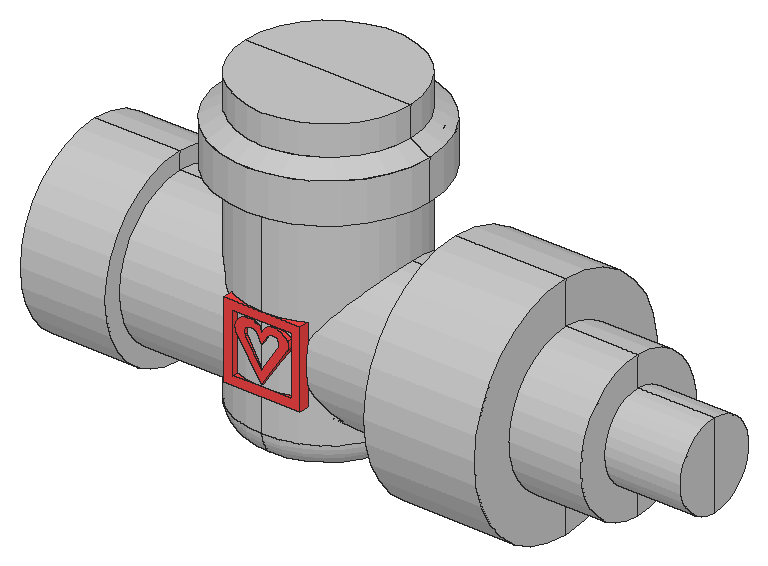
Revit family "RL-5 Rücklaufventil DG 3923", category Rohrzubehör, Revit 2019
Family settings
  Bemaßung runder Anschluss = Durchmesser verwenden
  Teiletyp = Unterbricht
  OmniClass-Nummer = 23.65.55.14
  OmniClass-Titel = Valves for Liquid Services
  Arbeitsebenenbasiert = Nein
  Immer vertikal = Nein
  Beim Laden mit Abzugskörper schneiden = Nein
  Gemeinsam genutzt = Nein
Parameters
  W02 [instance] = 70.00°  # constant formula
  W01 = 120.00°  # constant formula
  URL = "www.herz-armaturen.at"
  SCRNSEQ = "ARM;ARM_TYP=\"ALLF\";2"
  SCRNCODE = "05;01;02"  # constant formula
  S04 = 45.000 mm  # constant formula
  S03 = 61.000 mm  # constant formula
  S02 [instance] = L05 + L06 + L07  # 45.500 mm
  S01 = 10.000 mm  # constant formula
  R05 = 9.750 mm  # constant formula
  R04 = 12.000 mm  # constant formula
  R02 = 9.750 mm  # constant formula
  R01 = 11.000 mm  # constant formula
  Nennweite [instance] = 10.000 mm
  Medium = "Heizwasserqualität entsprechend ÖNORM H 5195 bzw. VDI-Richtllinie 2035."
  Max.Betriebstemperatur = 120 °C  # constant formula
  Max.Betriebsdruck = 1000000.0 Pa  # constant formula
  L07 [instance] = size_lookup("3923_5_", "L7", 1.000 mm, Nennweite)  # 17.500 mm
  L06 [instance] = size_lookup("3923_5_", "L6", 1.000 mm, Nennweite)  # 13.000 mm
  L05 [instance] = L02 - L04  # 15.000 mm
  L04 [instance] = size_lookup("3923_5_", "L4", 1.000 mm, Nennweite)  # 7.500 mm
  L03 [instance] = size_lookup("3923_5_", "L3", 1.000 mm, Nennweite)  # 10.000 mm
  L02 [instance] = size_lookup("3923_5_", "L2", 1.000 mm, Nennweite)  # 22.500 mm
  L01 [instance] = size_lookup("3923_5_", "L1", 1.000 mm, Nennweite)  # 27.500 mm
  Hersteller = "HERZ Armaturen Ges.m.b.H"  # constant formula
  H06 = 3.500 mm  # constant formula
  H05 = 9.500 mm  # constant formula
  H04 [instance] = H02 - H03  # 16.000 mm
  H03 = 5.000 mm  # constant formula
  H02 [instance] = 21.000 mm  # constant formula
  H01 [instance] = size_lookup("3923_5_", "H1", 1.000 mm, Nennweite)  # 14.000 mm
  Gehäuse = "vernickeltes Messing"  # constant formula
  GTI [instance] = size_lookup("3923_5_", "GT1", 1.000 mm, Nennweite)  # 9.000 mm
  GT [instance] = size_lookup("3923_5_", "GT", 1.000 mm, Nennweite)  # 9.500 mm
  G2 [instance] = Nennweite / 2  # 5.000 mm
  G1 [instance] = Nennweite / 2  # 5.000 mm
  D05 [instance] = size_lookup("3923_5_", "D5", 1.000 mm, Nennweite)  # 8.500 mm
  D04 [instance] = size_lookup("3923_5_", "D4", 1.000 mm, Nennweite)  # 13.500 mm
  D03 [instance] = size_lookup("3923_5_", "D3", 1.000 mm, Nennweite)  # 7.940 mm
  D02 [instance] = size_lookup("3923_5_", "D2", 1.000 mm, Nennweite)  # 9.000 mm
  D01 [instance] = size_lookup("3923_5_", "D1", 1.000 mm, Nennweite)  # 11.000 mm
  Bestellnummer [instance] = size_lookup("3923_5_", "Artnr", 0, Nennweite)  # 1392300
  Ausführungen = "Alle Modelle werden in vernickelter Ausführung geliefert und sind Universalmodelle mit Spezialmuffe für Gewinderohr\r\nund Klemmsetanschluß."
  Anwendungsgebiet = "Warmwasser-Heizungsanlagen\r\nDurch den Einbau des Rücklaufventils ist der Heizkörper-Rücklaufanschluß absperrbar.\r\nBei gleichzeitiger Absperrung des Vorlaufventils kann der Heizkörper bei unter Druck stehender Anlage demontiert werden.\r\nServicearbeiten oder Arbeiten an der Wand hinter dem Heizkörper (Tapezierung, Verfliesung) sind durchführbar, ohne die übrige Anlage stillsetzen zu müssen.\r\nMit dem HERZ-RL-5-Ventil kann die durch den Heizkörper strömende Wassermenge entsprechend der geforderten Leistung genau einreguliert werden.\r\nDies empfiehlt sich besonders beim Einbau von Thermostatventilen ohne Voreinstellung, weil durch die Begrenzung der Wassermenge voll wirksam wird und das hydraulische Gleichgewicht der Anlage erhalten bleibt.\r\nÜber das HERZ-RL-5-Ventil kann der Heizkörper oder die Anlage gefüllt oder entleert werden."
Reference planes
  plane 1 "Mitte (Vorne/hinten)": y = 0
  plane 2: z = 0
  plane 3 "Mitte (Links/rechts)": x = 0
Forms (mm)
  Revolve 1, solid, material "Messing, vernickelt", detail levels fine
    sketch origin (0, 0, 0) x (1, 0, 0) y (0, 0, 1)
      loop
        line (-18, 0) -> (22.5, 0) -> (22.5, 7.94) -> (15, 7.94) -> (15, 9) -> (-17.5, 9) -> (-17.5, 11) -> (-27.5, 11) -> (-27.5, 5) -> (-18, 5) -> (-18, 0)
      axis (-27.5, 0) -> (22.5, 0)
    angle from 0 to 360
  Revolve 2, solid, material "Messing, vernickelt", detail levels fine
    sketch origin (0, 0, 0) x (0, 1, 0) y (0, 0, 1)
      loop
        line (0, 21) -> (-11, 21) -> (-11, 16) -> (-9.75, 16) -> (-9.75, -8.456)
        arc (-9.75, -8.456) -> (-9.408, -9.847) -> (-8.46, -10.921) r 3
        line (-8.46, -10.921) -> (0, -14) -> (0, 21)
      axis (0, -14) -> (0, 21)
    angle from 0 to 360
  Revolve 3, solid, material "Messing, vernickelt", detail levels fine
    sketch origin (0, 0, 0) x (1, 0, 0) y (0, 0, 1)
      loop
        line (22.5, 0) -> (45.5, 0) -> (45.5, 5) -> (36.5, 5) -> (36.5, 8.5) -> (28, 8.5) -> (28, 13.5) -> (15, 13.5) -> (15, 7.94) -> (22.5, 7.94) -> (22.5, 0)
      axis (15, 0) -> (45.5, 0)
    angle from 0 to 360
  Revolve 4, solid, material "Messing, vernickelt", detail levels fine
    sketch origin (0, 0, 9) x (1, 0, 0) y (0, 0, 1)
      loop
        line (0, 7) -> (12, 7) -> (12, 11.701) -> (9.75, 13) -> (9.75, 16.5) -> (0, 16.5) -> (0, 7)
      axis (0, 16.5) -> (0, 7)
    angle from 0 to 360
Lines and regions (mm)
  model lines, detail levels coarse+medium
    curve 1: line (-27.5, 0, 11) -> (-27.5, 0, -11)
    curve 2: line (-27.5, 0, -11) -> (27.5, 0, 11)
    curve 3: line (27.5, 0, 11) -> (27.5, 0, -11)
    curve 4: line (27.5, 0, -11) -> (-27.5, 0, 11)
    curve 5: line (27.5, 0, 11) -> (37.5, 0, 11)
    curve 6: line (37.5, 0, 11) -> (27.5, 0, 0)
    curve 7: line (27.5, 0, -11) -> (37.5, 0, -11)
    curve 8: line (37.5, 0, -11) -> (27.5, 0, 0)
    curve 9: line (27.5, 0, 0) -> (45.5, 0, 0)
    curve 10: line (-27.5, 11, 0) -> (-27.5, -11, 0)
    curve 11: line (-27.5, -11, 0) -> (27.5, 11, 0)
    curve 12: line (27.5, 11, 0) -> (27.5, -11, 0)
    curve 13: line (27.5, -11, 0) -> (-27.5, 11, 0)
    curve 14: line (27.5, 11, 0) -> (37.5, 11, 0)
    curve 15: line (37.5, 11, 0) -> (27.5, 0, 0)
    curve 16: line (27.5, -11, 0) -> (37.5, -11, 0)
    curve 17: line (37.5, -11, 0) -> (27.5, 0, 0)
Dimensions and locks
  "L01": Revolve 1 sketch curve to plane 3 "Mitte (Links/rechts)"
  "L02": Revolve 1 sketch curve to plane 3 "Mitte (Links/rechts)"
  "G1": Revolve 1 sketch curve to plane 2
  "GT": Revolve 1 sketch curve to Revolve 1 sketch curve
  "D01": Revolve 1 sketch curve to Revolve 1 sketch curve
  "D02": Revolve 1 sketch curve to Revolve 1 sketch curve
  "D03": Revolve 1 sketch curve to Revolve 1 sketch curve
  "L03": Revolve 1 sketch curve to Revolve 1 sketch curve
  "L04": Revolve 1 sketch curve to Revolve 1 sketch curve
  "H02": Revolve 2 sketch curve to plane 2
  "R01": Revolve 2 sketch curve to plane 1 "Mitte (Vorne/hinten)"
  "D03": Revolve 3 sketch curve to plane 2
  "L04": Revolve 3 sketch curve to Revolve 3 sketch curve
  "L05": Revolve 3 sketch curve to plane 3 "Mitte (Links/rechts)"
  "L06": Revolve 3 sketch curve to Revolve 3 sketch curve
  "L07": Revolve 3 sketch curve to Revolve 3 sketch curve
  "D04": Revolve 3 sketch curve to Revolve 3 sketch curve
  "G2": Revolve 3 sketch curve to Revolve 3 sketch curve
  "D05": Revolve 3 sketch curve to Revolve 3 sketch curve
  "GTI": Revolve 3 sketch curve to Revolve 3 sketch curve
  "D01": curve 4 to plane 2 to curve 2
  "D01": curve 3 to plane 2 to curve 4
  "L01": curve 1 to plane 3 "Mitte (Links/rechts)" to curve 3
  "S01": curve 3 to curve 6
  "S02": curve 9 to plane 3 "Mitte (Links/rechts)"
  "L01": curve 10 to plane 3 "Mitte (Links/rechts)" to curve 12
  "D01": curve 11 to plane 1 "Mitte (Vorne/hinten)" to curve 13
  "D01": curve 13 to plane 1 "Mitte (Vorne/hinten)" to curve 12
  "S01": curve 12 to curve 15
  "S01": curve 12 to curve 17
  "H03": Revolve 2 sketch curve to Revolve 2 sketch curve
  "R02": Revolve 2 sketch curve to Revolve 2 sketch curve
  "H05": Revolve 4 sketch curve to Revolve 4 sketch curve
  "R05": Revolve 4 sketch curve to Revolve 4 sketch curve
  "R04": Revolve 4 sketch curve to Revolve 4 sketch curve
  "H06": Revolve 4 sketch curve to Revolve 4 sketch curve
  "H04": Revolve 4 sketch curve to plane 2
  "D02": nested 1 to plane 1 "Mitte (Vorne/hinten)"
  "H01": plane 2 to Revolve 2 sketch curve
  "W01": angle Revolve 4 sketch curve to Revolve 4 sketch curve
  "W02": angle Revolve 2 sketch curve to Revolve 2 sketch curve
  aligned and locked: level to plane 2
Automatic sketch dimensions
  curve 9 to level = 0.000 mm
  curve 3 to curve 8 = 10.000 mm
  plane 1 "Mitte (Vorne/hinten)" to curve 17 = 0.000 mm
  Revolve 1 sketch curve to level = 0.000 mm  (x2)
  Revolve 1 sketch curve to Revolve 1 sketch curve = 1436.530 mm
  Revolve 1 sketch curve to Revolve 1 sketch curve = 1779.148 mm
  Revolve 2 sketch curve to plane 1 "Mitte (Vorne/hinten)" = 0.000 mm  (x2)
  Revolve 2 sketch curve to Revolve 2 sketch curve = 1.290 mm
  Revolve 2 sketch curve to Revolve 2 sketch curve = 1.710 mm
  Revolve 2 sketch curve to Revolve 2 sketch curve = 98.333 mm
  Revolve 2 sketch curve to Revolve 2 sketch curve = 1236.335 mm
  Revolve 3 sketch curve to level = 0.000 mm  (x2)
  Revolve 3 sketch curve to plane 3 "Mitte (Links/rechts)" = 1506.530 mm
  Revolve 3 sketch curve to Revolve 3 sketch curve = 1789.648 mm
  Revolve 4 sketch curve to plane 3 "Mitte (Links/rechts)" = 0.000 mm  (x2)
  Revolve 4 sketch curve to level = 357.045 mm
  Revolve 4 sketch curve to Revolve 4 sketch curve = 2188.615 mm
Nested families
  nested 1: "Herz-Logo-vorne" at (0, -9, 0) x (0, 1, 0) z (0, 0, 1), type "Herz-Logo-vorne", detail levels fine
Connectors
  piping at (-18, 0, 0), diameter 10, driven by "Nennweite"
    settings: on Revolve 1, index 1, connector inside diameter 609.6 mm, connector length 0.000 mm, flow factor 0, pipe flow 0.0 L/s, pressure drop 0.0 Pa, fitting loss kfactor 0, connector angle 0.00°, fixture units 0, engagement length 0.000 mm, angle of deflection 0.00°, flow configuration 0, flow direction 1, fitting loss method 0, system type 8, joint type 0, gender type 0, connector reference index -1, connector utility 0, adjustable connector no, is connector primary yes, connector description ""
  piping at (45.5, 0, 0), diameter 10, driven by "Nennweite"
    settings: on Revolve 3, index 2, connector inside diameter 609.6 mm, connector length 0.000 mm, flow factor 0, pipe flow 0.0 L/s, pressure drop 0.0 Pa, fitting loss kfactor 0, connector angle 0.00°, fixture units 0, engagement length 0.000 mm, angle of deflection 0.00°, flow configuration 0, flow direction 2, fitting loss method 0, system type 8, joint type 0, gender type 0, connector reference index -1, connector utility 0, adjustable connector no, is connector primary no, connector description ""
Definition of nested family "Herz-Logo-vorne"
  Reference planes
    plane 1 "Mitte (Vorne/hinten)": y = 0
    plane 2: z = 0
    plane 3 "Mitte (Links/rechts)": x = 0
  Forms (mm)
    Extrusion 1, solid
      sketch origin (0.732, -0.018, 0.017) x (0, -1, 0) y (0, 0, 1)
        loop
          line (-0.018, -4.517) -> (4.482, -4.517) -> (4.482, 4.483) -> (-4.518, 4.483) -> (-4.518, -4.517) -> (-0.018, -4.517)
        loop
          line (-0.05, -3.48) -> (3.482, -3.48) -> (3.482, 3.483) -> (-3.518, 3.483) -> (-3.518, -3.48) -> (-0.05, -3.48)
        loop
          arc (-0.018, 2.383) -> (-1.543, 3.287) -> (-3.067, 2.383) r 1.738
          arc (-3.067, 2.383) -> (-3.191, 1.899) -> (-3.067, 1.415) r 1.009
          line (-3.067, 1.415) -> (-0.018, -3.281) -> (3.032, 1.415)
          arc (3.032, 1.415) -> (3.156, 1.899) -> (3.032, 2.383) r 1.009
          arc (3.032, 2.383) -> (1.507, 3.287) -> (-0.018, 2.383) r 1.738
        loop
          arc (1.885, 1.272) -> (2.005, 1.675) -> (1.885, 2.079) r 0.74
          arc (1.885, 2.079) -> (1.265, 2.416) -> (0.644, 2.079) r 0.74
          line (0.644, 2.079) -> (-0.018, 0.97) -> (-0.679, 2.079)
          arc (-0.679, 2.079) -> (-1.3, 2.416) -> (-1.921, 2.079) r 0.74
          arc (-1.921, 2.079) -> (-2.04, 1.675) -> (-1.921, 1.272) r 0.74
          line (-1.921, 1.272) -> (-0.018, -1.658) -> (1.885, 1.272)
      from 0 to 1.5
  Dimensions and locks
    aligned and locked: level to plane 2
